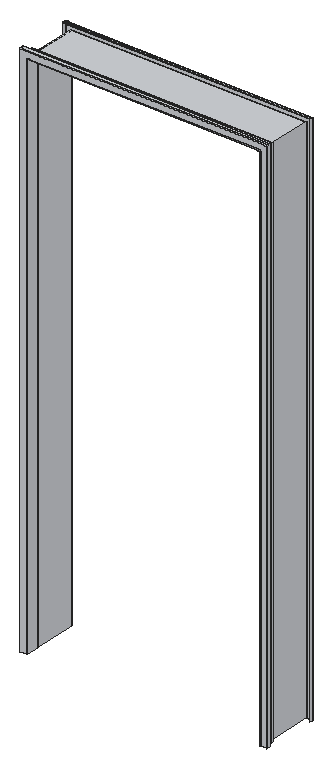
Revit family "BOS-Durchgangszarge-wkD_Familie", category Türen, Revit 2017
Family settings
  Basisbauteil = Wand
  Immer vertikal = Ja
  Beim Laden mit Abzugskörper schneiden = Nein
  Gemeinsam genutzt = Nein
  Raumberechnungspunkt = Ja
Parameters (values of type "wkD")
  RRH Rohbau_Richtmaß_Höhe   Structural Wall Opening Height Measurement [instance] = LDH Lichte Durchgangs Höhe + Einfügepunkt  # 2115 mm
  RRB Rohbau_Richtmaß_Breite   Structural Wall Opening Width Measurement [instance] = LDB Lichte Durchgangs Breite + (2 * Einfügepunkt)  # 980 mm
  Wandstärke   Wall Thickness [instance] = 200 mm
  LDH Lichte_Durchgangs_Höhe   Clearance Height [instance] = 2093 mm
  LDH Lichte Durchgangs Höhe [instance] = if(LDH Lichte_Durchgangs_Höhe   Clearance Height < LDH min., LDH min., if(LDH Lichte_Durchgangs_Höhe   Clearance Height > LDH max., LDH max., LDH Lichte_Durchgangs_Höhe   Clearance Height))  # 2093 mm
  LDB Lichte_Durchgangs_Breite   Clearance Width [instance] = 936 mm
  LDB Lichte Durchgangs Breite [instance] = if(LDB Lichte_Durchgangs_Breite   Clearance Width < LDB min., LDB min., if(LDB Lichte_Durchgangs_Breite   Clearance Width > LDB max., LDB max., LDB Lichte_Durchgangs_Breite   Clearance Width))  # 936 mm
  URL = "www.BestOfSteel.de/stahlzargen/weitere-loesungen/durchgangszargen/"
  Spiegel vorne   Architrave Front [instance] = 30 mm
  Spiegel vorne [instance] = if(Spiegel vorne   Architrave Front < 30 mm, 30 mm, if(Spiegel vorne   Architrave Front > 80 mm, 80 mm, Spiegel vorne   Architrave Front))  # 30 mm
  Spiegel hinten   Architrave Back [instance] = 27 mm
  Spiegel hinten [instance] = if(Spiegel hinten   Architrave Back < 27 mm, 27 mm, if(Spiegel hinten   Architrave Back > 77 mm, 77 mm, Spiegel hinten   Architrave Back))  # 27 mm
  Rough Height = 0 mm  # constant formula
  Rough Width = 0 mm  # constant formula
  Rechtliche Hinweise [instance] = "www.BestOfSteel.de/tools-downloads/bim-building-information-modeling/"
  Putzwinkel vorne = 15 mm  # constant formula
  Putzwinkel hinten = 15 mm  # constant formula
  wkD = yes
  Modell = "wkD"
  Material - Zarge = none
  Material = "grundiert, feuerverzinktes Feinblech nach DIN EN 10143"
  MW min. = 75 mm  # constant formula
  MW max. = GT max. - Putzwinkel vorne - Putzwinkel hinten  # 620 mm
  MW Maulweite   Receiving Opening [instance] = if(Wandstärke   Wall Thickness < MW min., MW min., if(Wandstärke   Wall Thickness > MW max., MW max., Wandstärke   Wall Thickness))  # 200 mm
  Information in English = no
  Info-Texte sichtbar = yes
  Height [instance] = RRH Rohbau_Richtmaß_Höhe   Structural Wall Opening Height Measurement  # 2115 mm
  Hersteller = "BOS GmbH Best Of Steel, Lütkenfelde 4, D-48282 Emsdetten"
  GT min. = MW min. + Putzwinkel vorne + Putzwinkel hinten  # 105 mm
  GT max. = 650 mm  # constant formula
  GT Gesamttiefe_Zarge   Total Profile Depth [instance] = MW Maulweite   Receiving Opening + Putzwinkel vorne + Putzwinkel hinten  # 230 mm
  MW Fehler [instance] = or(Wandstärke   Wall Thickness < MW min., Wandstärke   Wall Thickness > MW max.)  # no
  Funktion = Innen
  LDH min. = 1593 mm  # constant formula
  LDH max. = 2843 mm  # constant formula
  LDB min. = 561 mm  # constant formula
  LDB max. = 1311 mm  # constant formula
  Einfügepunkt = 22 mm  # constant formula
  Dicke = 0 mm  # constant formula
  Width = 0 mm  # constant formula
  Beschreibung = "2-schalige Durchgangszarge mit Verstellbereich wandumfassend"
  Bauelement = "BOS Stahlzarge"
  BOS-Architekten-Beratung = "Tel.: +49 (0) 2572 203-203, Fax -209; E-Mail: architekten@BestOfSteel.de"
  BE Bodeneinstand   Foundation Bedding [instance] = 50 mm  # constant formula
  BE Bodeneinstand [instance] = if(BE Bodeneinstand   Foundation Bedding < 0 mm, 0 mm, if(BE Bodeneinstand   Foundation Bedding > BE max., BE max., BE Bodeneinstand   Foundation Bedding))  # 50 mm
  BE max. = 100 mm  # constant formula
  Allgemeine Informationen zu Stahlzargen = "www.BestOfSteel.de/tools-downloads/technische-infos-rund-um-die-stahlzarge/"
Reference planes
  plane 1 "Wand": y = 0
  plane 2 "Mitte (Links/rechts)": x = 125
  plane 3 "Hinten": y = 100
  plane 4 "Vorne": y = -100
  plane 5 "RRB links": x = -365
  plane 6 "RRB rechts": x = 615
  plane 7 "RRH oben": z = 2115
  plane 8 "BE": z = -50
  plane 9 "LDB oben": z = 2093
  plane 10 "BE max.": z = -100
  plane 11 "LDB links": x = -343
  plane 12 "LDB rechts": x = 593
Forms (mm)
  Sweep 1, solid, material <- "Material - Zarge", visible <- "wkD", detail levels medium+fine
    path origin (0, -100, 0) x (-1, 0, 0) y (0, 0, 1)
      loop
        line (365, -50) -> (365, 2115) -> (-615, 2115) -> (-615, -50)
    profile "BOS-wkD_Profil : BOS-wkD_Profil" origin (-365, -100, 1032.5) x (1, 0, 0) y (0, 1, 0)
      loop
        line (-5.5, 213.5) -> (16.5, 213.5)
        arc (16.5, 213.5) -> (17.207, 213.207) -> (17.5, 212.5) r 1
        line (17.5, 212.5) -> (17.5, 22.5)
        arc (17.5, 22.5) -> (17.207, 21.793) -> (16.5, 21.5) r 1
        line (16.5, 21.5) -> (8, 21.5)
        arc (8, 21.5) -> (7.293, 21.793) -> (7, 22.5) r 1
        line (7, 22.5) -> (7, 28) -> (5.5, 28) -> (5.5, 22.5)
        arc (5.5, 22.5) -> (6.232, 20.732) -> (8, 20) r 2.5
        line (8, 20) -> (16.5, 20)
        arc (16.5, 20) -> (18.268, 20.732) -> (19, 22.5) r 2.5
        line (19, 22.5) -> (19, 30) -> (20.5, 30) -> (20.5, -12.5)
        arc (20.5, -12.5) -> (20.207, -13.207) -> (19.5, -13.5) r 1
        line (19.5, -13.5) -> (-5.5, -13.5)
        arc (-5.5, -13.5) -> (-6.207, -13.207) -> (-6.5, -12.5) r 1
        line (-6.5, -12.5) -> (-6.5, 0) -> (-8, 0) -> (-8, -12.5)
        arc (-8, -12.5) -> (-7.268, -14.268) -> (-5.5, -15) r 2.5
        line (-5.5, -15) -> (19.5, -15)
        arc (19.5, -15) -> (21.268, -14.268) -> (22, -12.5) r 2.5
        line (22, -12.5) -> (22, 38.5)
        arc (22, 38.5) -> (20.5, 40) -> (19, 38.5) r 1.5
        line (19, 38.5) -> (19, 212.5)
        arc (19, 212.5) -> (18.268, 214.268) -> (16.5, 215) r 2.5
        line (16.5, 215) -> (-5.5, 215)
        arc (-5.5, 215) -> (-7.268, 214.268) -> (-8, 212.5) r 2.5
        line (-8, 212.5) -> (-8, 200) -> (-6.5, 200) -> (-6.5, 212.5)
        arc (-6.5, 212.5) -> (-6.207, 213.207) -> (-5.5, 213.5) r 1
Lines and regions (mm)
  Opening 1
    outline origin (-5000, -100, 0) x (1, 0, 0) y (0, 0, 1)
      loop
        line (4635, 2115) -> (4635, 0) -> (5615, 0) -> (5615, 2115) -> (4635, 2115)
  reference lines
    curve 1: line (65, 650, 0) -> (185, 650, 0)
    curve 2: line (65, -650, 0) -> (185, -650, 0)
    curve 3: line (1115, 100, 0) -> (1115, -100, 0)
Text (mm)
  text "Außen     " at (-1696.17, 830.944, 0), in view "Ref.-Ebene"
  text "Außen" at (0, 1409.804, 2854.306), in view "Links"
  text "Placement side" at (0, 499.811, 2980.732), in view "Rechts"
Dimensions and locks
  locked: plane 3 "Hinten" to host wall
  locked: host wall to plane 4 "Vorne" at 0
  level to plane 7 "RRH oben" = 2115 mm
  equal spacing: plane 5 "RRB links", plane 2 "Mitte (Links/rechts)", plane 6 "RRB rechts"
  "BE Bodeneinstand": plane 8 "BE" to level
  "Wandstärke   Wall Thickness": host wall to host wall
  "LDH Lichte Durchgangs Höhe": plane 9 "LDB oben" to level
  "RRH Rohbau_Richtmaß_Höhe   Structural Wall Opening Height Measurement": plane 7 "RRH oben" to level
  "RRB Rohbau_Richtmaß_Breite   Structural Wall Opening Width Measurement": plane 5 "RRB links" to plane 6 "RRB rechts"
  curve 2 to plane 4 "Vorne" to plane 3 "Hinten" to curve 1 = 550 mm, 200 mm, 550 mm
  "BE max.": level to plane 10 "BE max."
  equal spacing: plane 11 "LDB links", plane 2 "Mitte (Links/rechts)", plane 12 "LDB rechts"
  "LDB Lichte Durchgangs Breite": plane 11 "LDB links" to plane 12 "LDB rechts"
  plane 6 "RRB rechts" to curve 3 = 500 mm
  aligned and locked: plane 1 "Wand" to host wall
  aligned and locked: plane 6 "RRB rechts" to nested 1
  aligned and locked: nested 1 to plane 4 "Vorne"
  aligned and locked: host wall to nested 2
  aligned and locked: nested 2 to curve 3
  aligned and locked: plane 2 "Mitte (Links/rechts)" to nested 3
  aligned and locked: curve 2 to nested 3
  aligned and locked: plane 5 "RRB links" to nested 5
  aligned and locked: nested 5 to plane 4 "Vorne"
  aligned and locked: plane 6 "RRB rechts" to nested 6
  aligned and locked: nested 6 to plane 6 "RRB rechts"
  aligned and locked: plane 4 "Vorne" to nested 6
  aligned and locked: nested 5 to nested 4
  aligned and locked: nested 4 to nested 5
  aligned and locked: plane 2 "Mitte (Links/rechts)" to nested 7
  aligned and locked: curve 1 to nested 7
  aligned and locked: plane 5 "RRB links" to Opening 1 sketch curve
  aligned and locked: Opening 1 sketch curve to plane 7 "RRH oben"
  aligned and locked: Opening 1 sketch curve to plane 6 "RRB rechts"
  aligned and locked: level to Opening 1 sketch curve
Automatic sketch dimensions
  Sweep 1 sketch curve to plane 6 "RRB rechts" = 0 mm
  Sweep 1 sketch curve to plane 5 "RRB links" = 0 mm
  Sweep 1 sketch curve to plane 8 "BE" = 0 mm  (x2)
  Sweep 1 sketch curve to plane 7 "RRH oben" = 0 mm
  host wall to curve 3 = 0 mm
  curve 3 to host wall = 0 mm
  curve 2 to plane 2 "Mitte (Links/rechts)" = 60 mm
  curve 1 to plane 2 "Mitte (Links/rechts)" = 60 mm
  plane 2 "Mitte (Links/rechts)" to curve 2 = 60 mm
  plane 2 "Mitte (Links/rechts)" to curve 1 = 60 mm
Nested families
  nested 1: "BOS-BOS_Modell" at (615, -100, 1050), type "BOS-BOS_Modell", not visible
  nested 2: "BOS-Info-Texte_Beschriftung" at (1115, -0.955, 0), visible <- "MW Fehler", type "Maulweite Fehlermeldung"
  nested 3: "BOS-Info-Texte_Beschriftung" at (125, -650.955, 0), visible <- "Info-Texte sichtbar", type "Rechtliche Hinweise"
  nested 4: "BOS-Logo_Modell" at (-359.5, 107.5, 0), type "BOS-Logo_Modell", detail levels fine
  nested 5: "BOS-Verkröpfter-Flachstahlanker_Detail" at (-365, -100, 0), type "BOS-Verkröpfter-Flachstahlanker_Detail", detail levels fine
  nested 6: "BOS-Verkröpfter-Flachstahlanker_Detail" at (615, -100, 0) x (-1, 0, 0) z (0, 0, 1), type "BOS-Verkröpfter-Flachstahlanker_Detail", detail levels fine
  nested 7: "BOS-Info-Texte_Beschriftung" at (125, 649.045, 0), visible <- "Info-Texte sichtbar", type "Technische Hinweise 2"
Definition of nested family "BOS-BOS_Modell"
  Parameters (values of type "BOS-BOS_Modell")
    Abstand = 22 mm
  Reference planes
    plane 1 "Mitte (Vorne/hinten)": y = 0
    plane 2: z = 0
    plane 3 "Mitte (Links/rechts)": x = 0
    plane 4 "BOS": x = -22
  Dimensions and locks
    "Abstand": plane 4 "BOS" to plane 3 "Mitte (Links/rechts)"
    aligned and locked: level to plane 2
    aligned and locked: plane 1 "Mitte (Vorne/hinten)" to text3d elem
    aligned and locked: text3d elem to level
Definition of nested family "BOS-Info-Texte_Beschriftung"
  Parameters (values of type "Technische Hinweise 2")
    Info-Text En = "Due to manufacturing reasons this Revit family may not be changed\r\nwithout consulting BOS!\r\n\r\nThe solid and stud walls or, for example, their profiles,\r\nmust be designed so that they can reliably and sustainably\r\nabsorb the static and dynamic forces resulting\r\nfrom the load on the door element used."
    Englisch = no
    Info-Text De = "Diese Revit-Familie darf aus fertigungstechnischen Gründen\r\nnicht ohne Rücksprache mit BOS abgeändert werden!\r\n\r\nDie Massiv- und Ständerwerkswände bzw. deren Profile\r\nmüssen so ausgebildet sein, dass sie die statischen\r\nund dynamischen Kräfte, welche sich aus der Belastung\r\nder verwendeten Türelements ergeben, zuverlässig\r\nund nachhaltig aufnehmen können."
    Warndreieck = no
    Fehlerkreis = no
    Deutsch = not(Englisch)  # yes
    Ausrufezeichen = "!"
  Types (14, lengths in mm): name | Info-Text En | Info-Text De | Fehlerkreis
    Technische Hinweise MW | "Due to manufacturing reasons this Revit family may not be changed\r\nwithout consulting BOS!\r\n\r\nDo not mirror frames (door list)!\r\nsee ‘Features’: DIN left / DIN right" | "Diese Revit-Familie darf aus fertigungstechnischen Gründen\r\nnicht ohne Rücksprache mit BOS abgeändert werden!\r\n\r\nZargen nicht spiegeln (Türliste)!\r\nsiehe 'Eigenschaften': DIN links / DIN rechts" | no
    Rechtliche Hinweise | "In accordance with the protection note according to DIN 34, the ownership and copyrights are reserved!\r\n© 2016 BOS GmbH, Emsdetten, Germany -\r\nObserve the ISO 16016 protective label (see ID data)!\r\n\r\nSubject to technical change!" | "Entsprechend dem Schutzvermerk nach DIN 34 behalten wir uns Eigentum und Urheberrecht vor!\r\n© 2016 BOS GmbH, Emsdetten, Deutschland -\r\nSchutzvermerk ISO 16016 beachten (siehe ID-Daten)!\r\n\r\nTechnische Änderungen vorbehalten!" | no
    Maulweite Fehlermeldung | "Check the wall thickness!" | "Wandstärke prüfen!" | yes
    Technische Hinweise STW | "Due to manufacturing reasons this Revit family may not be changed\r\nwithout consulting BOS!\r\n\r\nDo not mirror frames (door list)!\r\nsee ‘Features’: DIN left / DIN right\r\n\r\nUA-profile (according to DIN 18182) to be provided on-site,\r\naccording to static calculation" | "Diese Revit-Familie darf aus fertigungstechnischen Gründen\r\nnicht ohne Rücksprache mit BOS abgeändert werden!\r\n\r\nZargen nicht spiegeln (Türliste)!\r\nsiehe 'Eigenschaften': DIN links / DIN rechts\r\n\r\nUA-Profil (gem. DIN 18182) bauseits,\r\nnach statischer Berechnung" | no
    Rohbaumaß Warnung | "For DIN door leaves, select larger structural wall measurements!" | "Bei DIN-Türblatt Rohbaumaße größer wählen!" | no
    Verstellbereich wkBud | "Adjustment area from -5 to +15mm,\r\nother adjustment areas possible" | "Verstellbereich von -5 bis +15mm\r\nanderer Verstellbereich möglich" | no
    Verstellbereich wSvdW | "Adjustment area in the soffit from -2 to +15mm,\r\nother adjustment areas possible" | "Verstellbereich in der Zargenleibung von -2 bis +15mm\r\nanderer Verstellbereich möglich" | no
    Technische Hinweise MW Norm | "Due to manufacturing reasons this Revit family may not be changed\r\nwithout consulting BOS!" | "Diese Revit-Familie darf aus fertigungstechnischen Gründen\r\nnicht ohne Rücksprache mit BOS abgeändert werden!" | no
    Technische Hinweise STW Norm | "Due to manufacturing reasons this Revit family may not be changed\r\nwithout consulting BOS!\r\n\r\nUA-profile (according to DIN 18182) to be provided on-site,\r\naccording to static calculation" | "Diese Revit-Familie darf aus fertigungstechnischen Gründen\r\nnicht ohne Rücksprache mit BOS abgeändert werden!\r\n\r\nUA-Profil (gem. DIN 18182) bauseits,\r\nnach statischer Berechnung" | no
    Maulweite Auswahl | "To adjust Receiving Opening see 'Features'" | "Anpassung von MW Maulweite unter 'Eigenschaften'" | no
    Technische Hinweise 15Nz15Z | "Due to manufacturing reasons this Revit family may not be changed\r\nwithout consulting BOS!\r\n\r\nDo not mirror frames (door list)!\r\nsee ‘Features’: DIN left / DIN right\r\n\r\nAttention for stud walls:\r\nno standard structural wall measurement, take the underlay into account!\r\nFor selection \"stud walls\":\r\nsee 'Features' (remove tick for brick walls)\r\n\r\nUA-profile (according to DIN 18182) to be provided on-site,\r\naccording to static calculation" | "Diese Revit-Familie darf aus fertigungstechnischen Gründen\r\nnicht ohne Rücksprache mit BOS abgeändert werden!\r\n\r\nZargen nicht spiegeln (Türliste)!\r\nsiehe 'Eigenschaften': DIN links / DIN rechts\r\n\r\nAchtung bei Ständerwerk:\r\nkein Standard-Rohbaumaß, Unterfütterung beachten!\r\nFür Auswahl \"Ständerwerk\": \r\nsiehe 'Eigenschaften' (Häkchen entfernen bei Mauerwerk)\r\n\r\nUA-Profil (gem. DIN 18182) bauseits, nach statischer Berechnung" | no
    Technische Hinweise MW-STW | "Due to manufacturing reasons this Revit family may not be changed\r\nwithout consulting BOS!\r\n\r\nDo not mirror frames (door list)!\r\nsee ‘Features’: DIN left / DIN right\r\n\r\nAttention for stud walls:\r\nUA-profile (according to DIN 18182) to be provided on-site,\r\naccording to static calculation\r\n\r\nAttention for brickwork:\r\nFor DIN door leaves, select larger structural wall measurements!" | "Diese Revit-Familie darf aus fertigungstechnischen Gründen\r\nnicht ohne Rücksprache mit BOS abgeändert werden!\r\n\r\nZargen nicht spiegeln (Türliste)!\r\nsiehe 'Eigenschaften': DIN links / DIN rechts\r\n\r\nAchtung bei Ständerwerk:\r\nUA-Profil (gem. DIN 18182) bauseits, nach statischer Berechnung\r\n\r\nAchtung bei Mauerwerk:\r\nBei DIN-Türblatt Rohbaumaße größer wählen!" | no
    Technische Hinweise | "Due to manufacturing reasons this Revit family may not be changed\r\nwithout consulting BOS!\r\n\r\nDo not mirror frames (door list)!\r\nsee ‘Features’: DIN left / DIN right\r\n\r\nThe solid and stud walls or, for example, their profiles,\r\nmust be designed so that they can reliably and sustainably\r\nabsorb the static and dynamic forces resulting\r\nfrom the load on the door element used." | "Diese Revit-Familie darf aus fertigungstechnischen Gründen\r\nnicht ohne Rücksprache mit BOS abgeändert werden!\r\n\r\nZargen nicht spiegeln (Türliste)!\r\nsiehe 'Eigenschaften': DIN links / DIN rechts\r\n\r\nDie Massiv- und Ständerwerkswände bzw. deren Profile\r\nmüssen so ausgebildet sein, dass sie die statischen\r\nund dynamischen Kräfte, welche sich aus der Belastung\r\nder verwendeten Türelements ergeben, zuverlässig\r\nund nachhaltig aufnehmen können." | no
    Technische Hinweise 2 | "Due to manufacturing reasons this Revit family may not be changed\r\nwithout consulting BOS!\r\n\r\nThe solid and stud walls or, for example, their profiles,\r\nmust be designed so that they can reliably and sustainably\r\nabsorb the static and dynamic forces resulting\r\nfrom the load on the door element used." | "Diese Revit-Familie darf aus fertigungstechnischen Gründen\r\nnicht ohne Rücksprache mit BOS abgeändert werden!\r\n\r\nDie Massiv- und Ständerwerkswände bzw. deren Profile\r\nmüssen so ausgebildet sein, dass sie die statischen\r\nund dynamischen Kräfte, welche sich aus der Belastung\r\nder verwendeten Türelements ergeben, zuverlässig\r\nund nachhaltig aufnehmen können." | no
  Reference planes
    plane 1: y = 0.955
    plane 2: x = 0
  Lines and regions (mm)
    Filled region 1, type "Gefüllter Bereich Gelb", visible <- "Warndreieck"
      outline origin (-7.188, 1.747, 0) x (1, 0, 0) y (0, 1, 0)
        loop
          line (5.951, -3.033) -> (8.413, -3.033) -> (7.182, -0.9) -> (5.951, -3.033)
    Filled region 2, type "Gefüllter Bereich Rot", visible <- "Fehlerkreis"
      outline origin (0, -3.763, 0) x (1, 0, 0) y (0, 1, 0)
        loop
          circle (0, 3.1) r 1.5
        loop
          line (-0.937, 3.486) -> (-0.937, 2.686) -> (1.023, 2.686) -> (1.023, 3.486) -> (-0.937, 3.486)
    Filled region 3, type "Gefüllter Bereich Weiss", visible <- "Fehlerkreis"
      outline origin (-7.014, -2.062, 0) x (1, 0, 0) y (0, 1, 0)
        loop
          line (6.077, 1.785) -> (6.077, 0.985) -> (8.038, 0.985) -> (8.038, 1.785) -> (6.077, 1.785)
  Text (mm)
    label "Info-Text De" at (0.065, 1.415, 0), shows "Info-Text De", visible <- "Deutsch"
    label "!" at (0.065, -0.414, 0), shows "Ausrufezeichen", visible <- "Warndreieck"
    label "Info-Text En" at (0.065, 1.415, 0), shows "Info-Text En", visible <- "Englisch"
  Dimensions and locks
    aligned and locked: Filled region 3 sketch curve to Filled region 2  (x4)
Definition of nested family "BOS-Logo_Modell"
  Parameters (values of type "BOS-Logo_Modell")
    URL = "www.BestOfSteel.de"
    Keynote = "BOS Logo"
  Reference planes
    plane 1 "Mitte (Vorne/hinten)": y = 0
    plane 2: z = 0
    plane 3 "Mitte (Links/rechts)": x = 0
    plane 4: x = -15
    plane 5: y = -10
    plane 6: x = -10.6
    plane 7: y = 6
    plane 8: y = -6
    plane 9: x = 10.6
    plane 10: x = -23.6
    plane 11: y = -18
    plane 12: x = 23.6
    plane 13: y = 18
    plane 14: y = 10
    plane 15: x = 15
  Dimensions and locks
    locked: plane 4 to plane 6 at 4.4
    locked: plane 8 to plane 5 at 4
    plane 13 to plane 7 = 12 mm
    plane 8 to plane 11 = 12 mm
    plane 9 to plane 12 = 13 mm
    plane 10 to plane 6 = 13 mm
    plane 7 to plane 14 = 4 mm
    plane 9 to plane 15 = 4.4 mm
    equal spacing: plane 10, plane 3 "Mitte (Links/rechts)", plane 12
    equal spacing: plane 11, plane 1 "Mitte (Vorne/hinten)", plane 13
    aligned and locked: level to plane 2
Definition of nested family "BOS-Verkröpfter-Flachstahlanker_Detail"
  Parameters (values of type "BOS-Verkröpfter-Flachstahlanker_Detail")
    Unterfütterungsstärke = 5 mm
    URL = "www.BestOfSteel.de"
    Putzwinkel vorne = 10 mm
    MW Maulweite = 200 mm
    Info-Flyer = "www.BestOfSteel.de/fileadmin/media/tools_downloads/info_flyer/"
    Manufacturer = "BOS GmbH Best Of Steel, Lütkenfelde 4, D-48282 Emsdetten"
    Einfügepunkt = 22 mm
    Blechstärke = 1.5 mm
    Description = "Verkröpfter Flachstahlanker mit Unterfütterung"
    Keynote = "BOS Detail"
    Ankerlänge vorne = 30 mm
  Reference planes
    plane 1: y = 0
    plane 2: z = 0
    plane 3: x = 0
    plane 4: y = 200
    plane 5: x = 22
    plane 6: y = -10
    plane 7: x = -100
    plane 8: x = 20.5
    plane 9: x = 5
    plane 10: y = -8.5
    plane 11: y = -7.5
    plane 12: y = 192.5
    plane 13: y = 197.5
    plane 14: y = 22.5
  Lines and regions (mm)
    detail lines, in view "Ref.-Ebene"
      curve 1: arc (17.5, 18.5, 0) -> (17.207, 19.207, 0) -> (16.5, 19.5, 0) r 1
      curve 2: arc (8, 23.5, 0) -> (8.293, 22.793, 0) -> (9, 22.5, 0) r 1
      curve 3: line (20.5, 18.5, 0) -> (20.5, -7.5, 0)
      curve 4: line (20.5, -7.5, 0) -> (17.5, -7.5, 0)
      curve 5: line (17.5, -7.5, 0) -> (17.5, 18.5, 0)
      curve 6: line (16.5, 19.5, 0) -> (9, 19.5, 0)
      curve 7: line (16.5, 22.5, 0) -> (9, 22.5, 0)
      curve 8: line (8, 23.5, 0) -> (8, 197.5, 0)
      curve 9: line (8, 197.5, 0) -> (5, 197.5, 0)
      curve 10: line (5, 197.5, 0) -> (5, 23.5, 0)
      curve 11: line (0, 192.5, 0) -> (5, 23.5, 0)
      curve 12: line (0, 23.5, 0) -> (5, 192.5, 0)
      curve 13: line (5, 192.5, 0) -> (0, 192.5, 0)
      curve 14: line (0, 23.5, 0) -> (5, 23.5, 0)
      curve 15: line (5, 23.5, 0) -> (5, 193.402, 0)
      curve 16: line (-100, 200, 0) -> (0, 200, 0)
      curve 17: line (0, 200, 0) -> (0, 0, 0)
      curve 18: line (0, 0, 0) -> (-100, 0, 0)
      curve 19: line (5, 23.5, 0) -> (5, 192.5, 0)
      curve 20: arc (5, 23.5, 0) -> (6.172, 20.672, 0) -> (9, 19.5, 0) r 4
      curve 21: arc (20.5, 18.5, 0) -> (19.328, 21.328, 0) -> (16.5, 22.5, 0) r 4
  Dimensions and locks
    "MW Maulweite": plane 4 to plane 1
    "Einfügepunkt": plane 3 to plane 5
    "Putzwinkel vorne": plane 1 to plane 6
    plane 7 to plane 3 = 100 mm
    "Blechstärke": plane 8 to plane 5
    "Unterfütterungsstärke": plane 3 to plane 9
    "Blechstärke": plane 10 to plane 6
    plane 11 to plane 10 = 1 mm
    plane 4 to plane 13 = 2.5 mm
    plane 12 to plane 13 = 5 mm
    "Ankerlänge vorne": plane 11 to plane 14
  Automatic sketch dimensions
    curve 9 to curve 8 = 3 mm
    curve 8 to curve 7 = 1.414 mm
    curve 1 to curve 5 = 26.019 mm  (x2)
    curve 10 to curve 8 = 3 mm  (x2)
    curve 2 to curve 2 = 1 mm  (x2)
    curve 4 to curve 5 = 26 mm  (x2)
    curve 2 to curve 9 = 174 mm
    curve 15 to curve 9 = 4.098 mm  (x2)
    plane 1 to curve 18 = 0 mm
    curve 18 to plane 7 = 0 mm
    curve 16 to plane 4 = 0 mm
    curve 16 to plane 7 = 0 mm
    curve 12 to plane 3 = 0 mm
    curve 13 to plane 12 = 0 mm
    curve 12 to plane 14 = 1 mm
    curve 2 to curve 1 = 8.5 mm
    curve 1 to curve 7 = 3 mm
    curve 1 to curve 4 = 26.019 mm
    curve 20 to curve 8 = 174.003 mm
    curve 1 to curve 21 = 0 mm  (x6)
    curve 2 to curve 20 = 0 mm  (x6)
    curve 15 to plane 9 = 0 mm
    plane 13 to curve 8 = 0 mm
    plane 14 to curve 2 = 0 mm
    curve 4 to plane 8 = 0 mm
    curve 3 to plane 11 = 0 mm
    curve 21 to curve 3 = 4 mm
    plane 9 to curve 8 = 3 mm
    plane 12 to curve 15 = 0.902 mm
